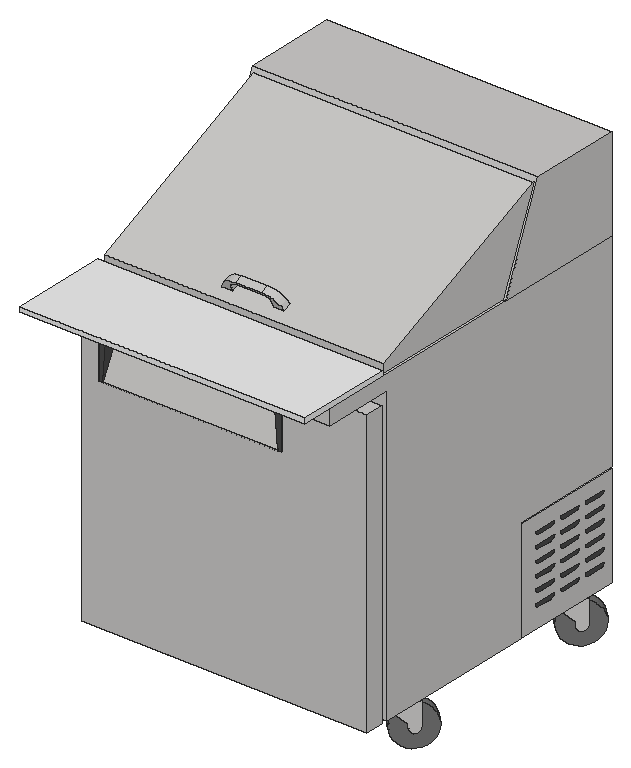
Revit family "QF_Turbo Air_MST-28-12c4e3f080-f9f6-44ae-9b5a-2f5e07239dcd", category Specialty Equipment, Revit 2012
Parameters
  Weight in Pounds = 220
  Watermarked By = "http://revitwatermark.com"
  Volts = 115 V
  URL Cutsheet = ""
  URL = "www.turboairinc.com"
  Status [instance] = ""
  Specification by User [instance] = ""
  Specification by Manufacturer [instance] = ""
  Serial Number [instance] = ""
  Revision Code [instance] = ""
  Phase = 1
  Number of Poles [instance] = 1
  NAFEM Spec ID Number [instance] = ""
  Model = "MST-28-12"
  Masterspec [instance] = ""
  Manufacturer = "Turbo Air"  # constant formula
  Legs [instance] = [6 inch Legs]  # no
  Item Number [instance] = "-"
  Installed By [instance] = ""
  HP = "1/4"
  Furnished By [instance] = ""
  Foodservice Equipment Identifier = yes
  FL Amps = 3.3 A
  Electrical Remarks [instance] = ""
  Electric Connection Type [instance] = ""
  Elec Conn RI Height [instance] = 0' - 0"
  Elec Conn Connection Height = 1' - 0"
  Description = "Mega Top Unit"
  Cycle = 60 Hz
  Conn Plug = "NEMA 5-15P"
  Casters [instance] = not(Legs)  # yes
  CasterLeg Height [instance] = if([4 inch Casters], 0' 5", if([5 inch Casters], 0' 5 3/4", if([2_5 inch Casters], 0' 3 3/8", 0' 6")))  # 0' - 5"
  CSI MasterFormat = "11 41 13"
  Assembly Code = "E1090320"
  Apparent Power = if(Phase = 3, Volts * FL Amps * 1.73, Volts * FL Amps)  # 379.5 VA
  6 inch Legs [instance] = no
  5 inch Casters [instance] = no
  4 inch Casters [instance] = yes
  2_5 inch Casters [instance] = no
Reference planes (in)
  plane 1 "BACK": y = 0
  plane 2: z = 0
  plane 3 "LEFT": x = -20.78844
  plane 4 "Bottom": z = 5
  plane 5 "Back Stops": y = 1
  plane 6 "RIGHT": x = 6.71156
  plane 7 "Door Clearance": y = -55.375
  plane 8 "Counter Top": z = 35
  plane 9 "TOP": z = 44
  plane 10 "Top of Door": z = 32.5
  plane 11 "Left of Lid": x = -20.53844
  plane 12 "Right of Lid": x = 6.46156
  plane 13 "Handle LR": x = -7.03844
  plane 14 "Lid Clearance": z = 50.875
  plane 15 "Front of Ledge": y = -34
  plane 16 "FRONT": y = -37
  plane 17 "Front of Door": y = -29.5
  plane 18 "Front of Box": y = -27.125
Forms (in)
  Extrusion 1, solid, material "QF_Finishes_Stainless Steel"
    sketch origin (-20.78844, 0, 0) x (0, 1, 0) y (0, 0, 1)
      loop
        line (0, 5) -> (0, 35) -> (-34, 35) -> (-34, 33.5) -> (-27.125, 33.5) -> (-27.125, 5) -> (0, 5)
    from 0 to 27.5
  Extrusion 2, solid, material "QF_Finishes_Black"
    sketch origin (0, -27.125, 0) x (1, 0, 0) y (0, 0, 1)
      loop
        line (-19.78844, 31.5) -> (-19.78844, 6) -> (5.71156, 6) -> (5.71156, 31.5) -> (-19.78844, 31.5)
    from 0 to 0.5625
  Extrusion 3, solid, material "QF_Finishes_Stainless Steel"
    sketch origin (-20.78844, 0, 0) x (0, 1, 0) y (0, 0, 1)
      loop
        line (0, 35) -> (0, 44) -> (-8.875, 44) -> (-12.8125, 35) -> (0, 35)
    from 0 to 27.5
  Extrusion 4, solid, material "QF_Finishes_Stainless Steel"
    sketch origin (-20.53844, 0, 0) x (0, 1, 0) y (0, 0, 1)
      loop
        line (-12.8125, 35) -> (-9.07541, 43.54192) -> (-27.125, 35.75) -> (-27.125, 35) -> (-12.8125, 35)
    from 0 to 27
  Extrusion 5, solid, material "QF_Finishes_Stainless Steel"
    sketch origin (-8.25, -9.80904, -0.49896) x (1, 0, 0) y (0, -0.396341, 0.918103)
      loop
        line (3.21156, 40.14331) -> (4.21156, 40.14331)
        arc (4.21156, 40.14331) -> (3.53685, 41.04872) -> (2.46156, 41.39331) r 1.85
        line (2.46156, 41.39331) -> (-0.03844, 41.39331)
        arc (-0.03844, 41.39331) -> (-1.11373, 41.04872) -> (-1.78844, 40.14331) r 1.85
        line (-1.78844, 40.14331) -> (-0.78844, 40.14331) -> (-0.78844, 40.64331)
        arc (-0.78844, 40.64331) -> (-0.64199, 40.99687) -> (-0.28844, 41.14331) r 0.5
        line (-0.28844, 41.14331) -> (2.71156, 41.14331)
        arc (2.71156, 41.14331) -> (3.06511, 40.99687) -> (3.21156, 40.64331) r 0.5
        line (3.21156, 40.64331) -> (3.21156, 40.14331)
    from -0.375 to 0.375
  Extrusion 6, void
    sketch origin (6.71156, 0, 0) x (0, 1, 0) y (0, 0, 1)
      loop
        line (0, 5) -> (0, 15) -> (-11, 15) -> (-11, 5) -> (0, 5)
    from 0 to -1
  Extrusion 7, solid, material "QF_Finishes_Stainless Steel"
    sketch origin (6.71156, 0, 0) x (0, 1, 0) y (0, 0, 1)
      loop
        line (-10.875, 14.875) -> (-10.875, 5) -> (0, 5) -> (0, 14.875) -> (-10.875, 14.875)
      loop
        arc (-9.25, 13.5) -> (-9.10355, 13.14645) -> (-8.75, 13) r 0.5
        line (-8.75, 13) -> (-7.25, 13)
        arc (-7.25, 13) -> (-6.89645, 13.14645) -> (-6.75, 13.5) r 0.5
        line (-6.75, 13.5) -> (-9.25, 13.5)
      loop
        arc (-6.25, 13.5) -> (-6.10355, 13.14645) -> (-5.75, 13) r 0.5
        line (-5.75, 13) -> (-4.25, 13)
        arc (-4.25, 13) -> (-3.89645, 13.14645) -> (-3.75, 13.5) r 0.5
        line (-3.75, 13.5) -> (-6.25, 13.5)
      loop
        arc (-3.25, 13.5) -> (-3.10355, 13.14645) -> (-2.75, 13) r 0.5
        line (-2.75, 13) -> (-1.25, 13)
        arc (-1.25, 13) -> (-0.89645, 13.14645) -> (-0.75, 13.5) r 0.5
        line (-0.75, 13.5) -> (-3.25, 13.5)
      loop
        arc (-9.25, 12.25) -> (-9.10355, 11.89645) -> (-8.75, 11.75) r 0.5
        line (-8.75, 11.75) -> (-7.25, 11.75)
        arc (-7.25, 11.75) -> (-6.89645, 11.89645) -> (-6.75, 12.25) r 0.5
        line (-6.75, 12.25) -> (-9.25, 12.25)
      loop
        arc (-6.25, 12.25) -> (-6.10355, 11.89645) -> (-5.75, 11.75) r 0.5
        line (-5.75, 11.75) -> (-4.25, 11.75)
        arc (-4.25, 11.75) -> (-3.89645, 11.89645) -> (-3.75, 12.25) r 0.5
        line (-3.75, 12.25) -> (-6.25, 12.25)
      loop
        arc (-3.25, 12.25) -> (-3.10355, 11.89645) -> (-2.75, 11.75) r 0.5
        line (-2.75, 11.75) -> (-1.25, 11.75)
        arc (-1.25, 11.75) -> (-0.89645, 11.89645) -> (-0.75, 12.25) r 0.5
        line (-0.75, 12.25) -> (-3.25, 12.25)
      loop
        arc (-9.25, 11) -> (-9.10355, 10.64645) -> (-8.75, 10.5) r 0.5
        line (-8.75, 10.5) -> (-7.25, 10.5)
        arc (-7.25, 10.5) -> (-6.89645, 10.64645) -> (-6.75, 11) r 0.5
        line (-6.75, 11) -> (-9.25, 11)
      loop
        arc (-6.25, 11) -> (-6.10355, 10.64645) -> (-5.75, 10.5) r 0.5
        line (-5.75, 10.5) -> (-4.25, 10.5)
        arc (-4.25, 10.5) -> (-3.89645, 10.64645) -> (-3.75, 11) r 0.5
        line (-3.75, 11) -> (-6.25, 11)
      loop
        arc (-3.25, 11) -> (-3.10355, 10.64645) -> (-2.75, 10.5) r 0.5
        line (-2.75, 10.5) -> (-1.25, 10.5)
        arc (-1.25, 10.5) -> (-0.89645, 10.64645) -> (-0.75, 11) r 0.5
        line (-0.75, 11) -> (-3.25, 11)
      loop
        arc (-9.25, 9.75) -> (-9.10355, 9.39645) -> (-8.75, 9.25) r 0.5
        line (-8.75, 9.25) -> (-7.25, 9.25)
        arc (-7.25, 9.25) -> (-6.89645, 9.39645) -> (-6.75, 9.75) r 0.5
        line (-6.75, 9.75) -> (-9.25, 9.75)
      loop
        arc (-6.25, 9.75) -> (-6.10355, 9.39645) -> (-5.75, 9.25) r 0.5
        line (-5.75, 9.25) -> (-4.25, 9.25)
        arc (-4.25, 9.25) -> (-3.89645, 9.39645) -> (-3.75, 9.75) r 0.5
        line (-3.75, 9.75) -> (-6.25, 9.75)
      loop
        arc (-3.25, 9.75) -> (-3.10355, 9.39645) -> (-2.75, 9.25) r 0.5
        line (-2.75, 9.25) -> (-1.25, 9.25)
        arc (-1.25, 9.25) -> (-0.89645, 9.39645) -> (-0.75, 9.75) r 0.5
        line (-0.75, 9.75) -> (-3.25, 9.75)
      loop
        arc (-9.25, 8.5) -> (-9.10355, 8.14645) -> (-8.75, 8) r 0.5
        line (-8.75, 8) -> (-7.25, 8)
        arc (-7.25, 8) -> (-6.89645, 8.14645) -> (-6.75, 8.5) r 0.5
        line (-6.75, 8.5) -> (-9.25, 8.5)
      loop
        arc (-6.25, 8.5) -> (-6.10355, 8.14645) -> (-5.75, 8) r 0.5
        line (-5.75, 8) -> (-4.25, 8)
        arc (-4.25, 8) -> (-3.89645, 8.14645) -> (-3.75, 8.5) r 0.5
        line (-3.75, 8.5) -> (-6.25, 8.5)
      loop
        arc (-3.25, 8.5) -> (-3.10355, 8.14645) -> (-2.75, 8) r 0.5
        line (-2.75, 8) -> (-1.25, 8)
        arc (-1.25, 8) -> (-0.89645, 8.14645) -> (-0.75, 8.5) r 0.5
        line (-0.75, 8.5) -> (-3.25, 8.5)
      loop
        arc (-9.25, 7.25) -> (-9.10355, 6.89645) -> (-8.75, 6.75) r 0.5
        line (-8.75, 6.75) -> (-7.25, 6.75)
        arc (-7.25, 6.75) -> (-6.89645, 6.89645) -> (-6.75, 7.25) r 0.5
        line (-6.75, 7.25) -> (-9.25, 7.25)
      loop
        arc (-6.25, 7.25) -> (-6.10355, 6.89645) -> (-5.75, 6.75) r 0.5
        line (-5.75, 6.75) -> (-4.25, 6.75)
        arc (-4.25, 6.75) -> (-3.89645, 6.89645) -> (-3.75, 7.25) r 0.5
        line (-3.75, 7.25) -> (-6.25, 7.25)
      loop
        arc (-3.25, 7.25) -> (-3.10355, 6.89645) -> (-2.75, 6.75) r 0.5
        line (-2.75, 6.75) -> (-1.25, 6.75)
        arc (-1.25, 6.75) -> (-0.89645, 6.89645) -> (-0.75, 7.25) r 0.5
        line (-0.75, 7.25) -> (-3.25, 7.25)
    from 0 to -1
  Extrusion 8, solid, material "QF_Finishes_Black"
    sketch origin (6.71156, 0, 0) x (0, 1, 0) y (0, 0, 1)
      loop
        line (-9.875, 13.95221) -> (-9.875, 6.20221) -> (-0.375, 6.20221) -> (-0.375, 13.95221) -> (-9.875, 13.95221)
    from -0.125 to -1
  Extrusion 9, solid, material "QF_Finishes_Black"
    sketch origin (0, 0, 0) x (1, 0, 0) y (0, 0, 1)
      loop
        circle (-14.66344, 30.1875) r 0.5
      loop
        circle (0.58656, 30.1875) r 0.5
    from 0 to -1
  Extrusion 10, solid, material "QF_Finishes_Stainless Steel"
    sketch origin (0, 0, 0) x (1, 0, 0) y (0, 0, 1)
      loop
        circle (2.71156, 11.125) r 0.25
    from 0 to -0.0625
  Extrusion 11, solid, material "QF_Finishes_White"
    sketch origin (-20.78844, 0, 0) x (0, 1, 0) y (0, 0, 1)
      loop
        line (-37, 35) -> (-27.625, 35) -> (-27.625, 35.5) -> (-37, 35.5) -> (-37, 35)
    from 0 to 27.5
  Extrusion 12, solid, material "QF_Finishes_Clearances", detail levels coarse
    sketch origin (-20.53844, -42.87392, 15.10212) x (0, 0.292372, -0.956305) y (0, 0.956305, 0.292372)
      loop
        arc (-26.28823, 35.61917) -> (-23.18014, 26.46585) -> (-15.14113, 21.09762) r 15.03231
        line (-15.14113, 21.09762) -> (-17.27356, 40.26077) -> (-26.28823, 36.36917) -> (-26.28823, 35.61917)
    from 0 to 27
Cuts and joins
  Extrusion 6 cuts Extrusion 1
Lines and regions (in)
  symbolic lines
    curve 1: line (-20.78844, 0, 35) -> (6.71156, 0, 35)
    curve 2: line (-20.78844, -37, 35) -> (-20.78844, 0, 35)
    curve 3: line (6.71156, -37, 35) -> (-20.78844, -37, 35)
    curve 4: line (6.71156, 0, 35) -> (6.71156, -37, 35)
    curve 5: line (0.08656, 1, 35) -> (1.08656, 1, 35)
    curve 6: line (-15.16344, 1, 35) -> (-14.16344, 1, 35)
    curve 7: line (-15.16344, 1, 35) -> (-15.16344, 0, 35)
    curve 8: line (-14.16344, 1, 35) -> (-14.16344, 0, 35)
    curve 9: line (0.08656, 1, 35) -> (0.08656, 0, 35)
    curve 10: line (1.08656, 1, 35) -> (1.08656, 0, 35)
    curve 11: line (-9.03844, -25.37519, 35) -> (-10.03844, -25.37519, 35)
    curve 12: line (-10.03844, -25.37519, 35) -> (-10.03844, -26.07034, 35)
    curve 13: line (-9.03844, -25.58383, 35) -> (-9.03844, -25.37519, 35)
    curve 14: line (-5.30859, -26.55919, 35) -> (-8.27933, -26.55919, 35)
    curve 15: line (-5.62594, -25.77153, 35) -> (-8.53388, -25.77153, 35)
    curve 16: line (-5.03844, -25.37519, 35) -> (-5.03844, -25.56289, 35)
    curve 17: line (-4.03844, -25.37519, 35) -> (-5.03844, -25.37519, 35)
    curve 18: line (-4.03844, -26.07034, 35) -> (-4.03844, -25.37519, 35)
    curve 19: spline (-4.03844, -26.07034, 35) -> (-4.09536, -26.14047, 35) -> (-4.16413, -26.20706, 35) -> (-4.24407, -26.26945, 35) -> (-4.33442, -26.32703, 35) -> (-4.43427, -26.37924, 35) -> (-4.54267, -26.42556, 35) -> (-4.65854, -26.46556, 35) -> (-4.78077, -26.49882, 35) -> (-4.90815, -26.52504, 35) -> (-5.03944, -26.54395, 35) -> (-5.17335, -26.55537, 35) -> (-5.30859, -26.55919, 35)
    curve 20: spline (-8.53388, -25.77153, 35) -> (-8.59974, -25.76992, 35) -> (-8.66447, -25.76513, 35) -> (-8.72697, -25.75724, 35) -> (-8.78616, -25.74638, 35) -> (-8.84104, -25.73274, 35) -> (-8.89066, -25.71655, 35) -> (-8.93418, -25.69809, 35) -> (-8.97084, -25.67768, 35) -> (-9.00003, -25.65566, 35) -> (-9.02125, -25.63241, 35) -> (-9.03412, -25.60833, 35) -> (-9.03844, -25.58383, 35)
    curve 21: spline (-5.03844, -25.56289, 35) -> (-5.04347, -25.59012, 35) -> (-5.05846, -25.61689, 35) -> (-5.08316, -25.64273, 35) -> (-5.11715, -25.66721, 35) -> (-5.15985, -25.6899, 35) -> (-5.21052, -25.71042, 35) -> (-5.26829, -25.72841, 35) -> (-5.33219, -25.74358, 35) -> (-5.40112, -25.75565, 35) -> (-5.47389, -25.76442, 35) -> (-5.54926, -25.76974, 35) -> (-5.62594, -25.77153, 35)
    curve 22: spline (-8.27933, -26.55919, 35) -> (-8.47404, -26.5553, 35) -> (-8.66656, -26.54368, 35) -> (-8.85475, -26.52446, 35) -> (-9.03647, -26.49785, 35) -> (-9.2097, -26.46415, 35) -> (-9.3725, -26.42374, 35) -> (-9.52303, -26.37708, 35) -> (-9.65961, -26.32468, 35) -> (-9.7807, -26.26714, 35) -> (-9.88495, -26.20509, 35) -> (-9.97118, -26.13925, 35) -> (-10.03844, -26.07034, 35)
    curve 121: line (-20.78844, -27.625, 35) -> (6.71156, -27.625, 35)
    curve 122: line (-20.78844, -27.125, 35) -> (6.71156, -27.125, 35)
    curve 123: line (-20.78844, -8.875, 35) -> (6.71156, -8.875, 35)
    curve 124: line (-20.53844, -27.125, 35) -> (-20.53844, -8.875, 35)
    curve 125: line (6.46156, -27.125, 35) -> (6.46156, -8.875, 35)
  symbolic lines, style "QF_Clearances", detail levels coarse
    curve 23: line (6.71156, -37, 35) -> (6.71156, -55.375, 35)
    curve 24: arc (6.71156, -55.375, 35) -> (-9.1836, -50.31589, 35) -> (-19.23038, -37, 35) r 27.5
  symbolic lines, style "QF_Surface Details"
    curve 25: line (-20.16344, -17.48748, 35) -> (-20.16344, -13.49564, 35)
    curve 26: line (-14.16344, -17.58908, 35) -> (-14.16344, -13.59725, 35)
    curve 27: line (-15.16344, -12.59725, 35) -> (-19.26505, -12.59725, 35)
    curve 28: line (-15.06183, -18.48748, 35) -> (-19.16344, -18.48748, 35)
    curve 29: arc (-19.26505, -12.59725, 35) -> (-19.90031, -12.86038, 35) -> (-20.16344, -13.49564, 35) r 0.89839
    curve 30: arc (-15.16344, -12.59725, 35) -> (-14.45633, -12.89014, 35) -> (-14.16344, -13.59725, 35) r 1
    curve 31: arc (-14.16344, -17.58908, 35) -> (-14.42657, -18.22434, 35) -> (-15.06183, -18.48748, 35) r 0.89839
    curve 32: arc (-19.16344, -18.48748, 35) -> (-19.87055, -18.19458, 35) -> (-20.16344, -17.48748, 35) r 1
    curve 33: line (-7.41344, -17.58908, 35) -> (-7.41344, -13.59725, 35)
    curve 34: line (-13.41344, -17.58908, 35) -> (-13.41344, -13.59725, 35)
    curve 35: line (-12.41344, -12.59725, 35) -> (-8.41344, -12.59725, 35)
    curve 36: line (-12.41344, -18.58908, 35) -> (-8.41344, -18.58908, 35)
    curve 37: arc (-8.41344, -12.59725, 35) -> (-7.70633, -12.89014, 35) -> (-7.41344, -13.59725, 35) r 1
    curve 38: arc (-12.41344, -12.59725, 35) -> (-13.12055, -12.89014, 35) -> (-13.41344, -13.59725, 35) r 1
    curve 39: arc (-13.41344, -17.58908, 35) -> (-13.12055, -18.29619, 35) -> (-12.41344, -18.58908, 35) r 1
    curve 40: arc (-8.41344, -18.58908, 35) -> (-7.70633, -18.29619, 35) -> (-7.41344, -17.58908, 35) r 1
    curve 41: line (-7.41344, -20.58908, 35) -> (-7.41344, -24.51282, 35)
    curve 42: line (-13.41344, -20.48748, 35) -> (-13.41344, -24.58092, 35)
    curve 43: line (-12.41344, -25.58092, 35) -> (-8.48154, -25.58092, 35)
    curve 44: line (-12.51505, -19.58908, 35) -> (-8.41344, -19.58908, 35)
    curve 45: arc (-8.48154, -25.58092, 35) -> (-7.72628, -25.26808, 35) -> (-7.41344, -24.51282, 35) r 1.0681
    curve 46: arc (-12.41344, -25.58092, 35) -> (-13.12055, -25.28803, 35) -> (-13.41344, -24.58092, 35) r 1
    curve 47: arc (-13.41344, -20.48748, 35) -> (-13.15031, -19.85222, 35) -> (-12.51505, -19.58908, 35) r 0.89839
    curve 48: arc (-8.41344, -19.58908, 35) -> (-7.70633, -19.88198, 35) -> (-7.41344, -20.58908, 35) r 1
    curve 49: line (6.08656, -17.42091, 35) -> (6.08656, -13.42907, 35)
    curve 50: line (0.08656, -17.42091, 35) -> (0.08656, -13.42907, 35)
    curve 51: line (1.08656, -12.42907, 35) -> (5.08656, -12.42907, 35)
    curve 52: line (1.08656, -18.42091, 35) -> (5.08656, -18.42091, 35)
    curve 53: arc (5.08656, -12.42907, 35) -> (5.79367, -12.72197, 35) -> (6.08656, -13.42907, 35) r 1
    curve 54: arc (1.08656, -12.42907, 35) -> (0.37945, -12.72197, 35) -> (0.08656, -13.42907, 35) r 1
    curve 55: arc (0.08656, -17.42091, 35) -> (0.37945, -18.12802, 35) -> (1.08656, -18.42091, 35) r 1
    curve 56: arc (5.08656, -18.42091, 35) -> (5.79367, -18.12802, 35) -> (6.08656, -17.42091, 35) r 1
    curve 57: line (-6.66344, -17.58908, 35) -> (-6.66344, -13.59725, 35)
    curve 58: line (-0.66344, -17.52252, 35) -> (-0.66344, -13.42907, 35)
    curve 59: line (-1.66344, -12.42907, 35) -> (-5.49527, -12.42907, 35)
    curve 60: line (-1.73, -18.58908, 35) -> (-5.66344, -18.58908, 35)
    curve 61: arc (-5.49527, -12.42907, 35) -> (-6.32129, -12.77122, 35) -> (-6.66344, -13.59725, 35) r 1.16817
    curve 62: arc (-1.66344, -12.42907, 35) -> (-0.95633, -12.72197, 35) -> (-0.66344, -13.42907, 35) r 1
    curve 63: arc (-0.66344, -17.52252, 35) -> (-0.97583, -18.27669, 35) -> (-1.73, -18.58908, 35) r 1.06656
    curve 64: arc (-5.66344, -18.58908, 35) -> (-6.37055, -18.29619, 35) -> (-6.66344, -17.58908, 35) r 1
    curve 65: line (6.08656, -20.42091, 35) -> (6.08656, -24.41275, 35)
    curve 66: line (0.08656, -20.42091, 35) -> (0.08656, -24.41275, 35)
    curve 67: line (1.08656, -25.41275, 35) -> (5.08656, -25.41275, 35)
    curve 68: line (1.08656, -19.42091, 35) -> (5.08656, -19.42091, 35)
    curve 69: arc (5.08656, -25.41275, 35) -> (5.79367, -25.11986, 35) -> (6.08656, -24.41275, 35) r 1
    curve 70: arc (1.08656, -25.41275, 35) -> (0.37945, -25.11986, 35) -> (0.08656, -24.41275, 35) r 1
    curve 71: arc (0.08656, -20.42091, 35) -> (0.37945, -19.7138, 35) -> (1.08656, -19.42091, 35) r 1
    curve 72: arc (5.08656, -19.42091, 35) -> (5.79367, -19.7138, 35) -> (6.08656, -20.42091, 35) r 1
    curve 73: line (-6.66344, -20.58908, 35) -> (-6.66344, -24.51282, 35)
    curve 74: line (-0.66344, -20.42091, 35) -> (-0.66344, -24.42531, 35)
    curve 75: line (-1.66344, -25.42531, 35) -> (-5.75094, -25.42531, 35)
    curve 76: line (-1.49527, -19.58908, 35) -> (-5.66344, -19.58908, 35)
    curve 77: arc (-5.75094, -25.42531, 35) -> (-6.39618, -25.15805, 35) -> (-6.66344, -24.51282, 35) r 0.9125
    curve 78: arc (-1.66344, -25.42531, 35) -> (-0.95633, -25.13242, 35) -> (-0.66344, -24.42531, 35) r 1
    curve 79: arc (-0.66344, -20.42091, 35) -> (-0.90708, -19.83272, 35) -> (-1.49527, -19.58908, 35) r 0.83183
    curve 80: arc (-5.66344, -19.58908, 35) -> (-6.37055, -19.88198, 35) -> (-6.66344, -20.58908, 35) r 1
    curve 81: line (-20.16344, -24.47931, 35) -> (-20.16344, -20.48748, 35)
    curve 82: line (-14.16344, -24.47931, 35) -> (-14.16344, -20.48748, 35)
    curve 83: line (-15.16344, -19.48748, 35) -> (-19.16344, -19.48748, 35)
    curve 84: line (-15.16344, -25.47931, 35) -> (-19.16344, -25.47931, 35)
    curve 85: arc (-19.16344, -19.48748, 35) -> (-19.87055, -19.78037, 35) -> (-20.16344, -20.48748, 35) r 1
    curve 86: arc (-15.16344, -19.48748, 35) -> (-14.45633, -19.78037, 35) -> (-14.16344, -20.48748, 35) r 1
    curve 87: arc (-14.16344, -24.47931, 35) -> (-14.45633, -25.18642, 35) -> (-15.16344, -25.47931, 35) r 1
    curve 88: arc (-19.16344, -25.47931, 35) -> (-19.87055, -25.18642, 35) -> (-20.16344, -24.47931, 35) r 1
    curve 89: line (-20.16344, -10.59725, 35) -> (-20.16344, -6.5038, 35)
    curve 90: line (-14.16344, -10.59725, 35) -> (-14.16344, -6.60541, 35)
    curve 91: line (-15.26505, -5.5038, 35) -> (-19.16344, -5.5038, 35)
    curve 92: line (-15.16344, -11.59725, 35) -> (-19.16344, -11.59725, 35)
    curve 93: arc (-19.16344, -5.5038, 35) -> (-19.87055, -5.79669, 35) -> (-20.16344, -6.5038, 35) r 1
    curve 94: arc (-15.26505, -5.5038, 35) -> (-14.48609, -5.82645, 35) -> (-14.16344, -6.60541, 35) r 1.10161
    curve 95: arc (-14.16344, -10.59725, 35) -> (-14.45633, -11.30435, 35) -> (-15.16344, -11.59725, 35) r 1
    curve 96: arc (-19.16344, -11.59725, 35) -> (-19.87055, -11.30435, 35) -> (-20.16344, -10.59725, 35) r 1
    curve 97: line (-7.41344, -10.59725, 35) -> (-7.41344, -6.60541, 35)
    curve 98: line (-13.41344, -10.59725, 35) -> (-13.41344, -6.60541, 35)
    curve 99: line (-12.41344, -5.60541, 35) -> (-8.41344, -5.60541, 35)
    curve 100: line (-12.41344, -11.59725, 35) -> (-8.41344, -11.59725, 35)
    curve 101: arc (-8.41344, -5.60541, 35) -> (-7.70633, -5.8983, 35) -> (-7.41344, -6.60541, 35) r 1
    curve 102: arc (-12.41344, -5.60541, 35) -> (-13.12055, -5.8983, 35) -> (-13.41344, -6.60541, 35) r 1
    curve 103: arc (-13.41344, -10.59725, 35) -> (-13.12055, -11.30435, 35) -> (-12.41344, -11.59725, 35) r 1
    curve 104: arc (-8.41344, -11.59725, 35) -> (-7.70633, -11.30435, 35) -> (-7.41344, -10.59725, 35) r 1
    curve 105: line (6.08656, -10.42907, 35) -> (6.08656, -6.43724, 35)
    curve 106: line (0.08656, -10.42907, 35) -> (0.08656, -6.43724, 35)
    curve 107: line (1.08656, -5.43724, 35) -> (5.08656, -5.43724, 35)
    curve 108: line (1.08656, -11.42907, 35) -> (5.08656, -11.42907, 35)
    curve 109: arc (5.08656, -5.43724, 35) -> (5.79367, -5.73013, 35) -> (6.08656, -6.43724, 35) r 1
    curve 110: arc (1.08656, -5.43724, 35) -> (0.37945, -5.73013, 35) -> (0.08656, -6.43724, 35) r 1
    curve 111: arc (0.08656, -10.42907, 35) -> (0.37945, -11.13618, 35) -> (1.08656, -11.42907, 35) r 1
    curve 112: arc (5.08656, -11.42907, 35) -> (5.79367, -11.13618, 35) -> (6.08656, -10.42907, 35) r 1
    curve 113: line (-6.66344, -10.59725, 35) -> (-6.66344, -6.60541, 35)
    curve 114: line (-0.66344, -10.42907, 35) -> (-0.66344, -6.43724, 35)
    curve 115: line (-1.66344, -5.43724, 35) -> (-5.49527, -5.43724, 35)
    curve 116: line (-1.73, -11.49564, 35) -> (-5.76505, -11.49564, 35)
    curve 117: arc (-5.49527, -5.43724, 35) -> (-6.32129, -5.77939, 35) -> (-6.66344, -6.60541, 35) r 1.16817
    curve 118: arc (-1.66344, -5.43724, 35) -> (-0.95633, -5.73013, 35) -> (-0.66344, -6.43724, 35) r 1
    curve 119: arc (-0.66344, -10.42907, 35) -> (-0.97583, -11.18325, 35) -> (-1.73, -11.49564, 35) r 1.06656
    curve 120: arc (-5.76505, -11.49564, 35) -> (-6.40031, -11.23251, 35) -> (-6.66344, -10.59725, 35) r 0.89839
Dimensions and locks (in)
  "CasterLeg Height": plane 4 "Bottom" to plane 2
  locked: plane 1 "BACK" to plane 5 "Back Stops" at 1
  locked: plane 6 "RIGHT" to plane 3 "LEFT" at 27.5
  locked: plane 7 "Door Clearance" to plane 1 "BACK" at 55.375
  locked: plane 9 "TOP" to plane 8 "Counter Top" at 9
  locked: plane 8 "Counter Top" to plane 4 "Bottom" at 30
  locked: plane 10 "Top of Door" to plane 4 "Bottom" at 27.5
  locked: plane 10 "Top of Door" to Extrusion 2 sketch curve at 1
  locked: Extrusion 2 sketch curve to plane 3 "LEFT" at 1
  locked: Extrusion 2 sketch curve to plane 4 "Bottom" at 1
  locked: Extrusion 2 sketch curve to plane 6 "RIGHT" at 1
  locked: plane 3 "LEFT" to plane 11 "Left of Lid" at 0.25
  locked: plane 12 "Right of Lid" to plane 6 "RIGHT" at 0.25
  equal spacing: plane 11 "Left of Lid", plane 13 "Handle LR", plane 12 "Right of Lid"
  locked: plane 14 "Lid Clearance" to plane 8 "Counter Top" at 15.875
  locked: Extrusion 6 sketch curve to plane 1 "BACK" at 11
  locked: Extrusion 6 sketch curve to plane 4 "Bottom" at 10
  locked: plane 4 "Bottom" to Extrusion 7 sketch curve at 9.875
  locked: Extrusion 7 sketch curve to plane 1 "BACK" at 10.875
  locked: Extrusion 8 sketch curve to Extrusion 8 sketch curve at 7.75
  locked: Extrusion 8 sketch curve to plane 4 "Bottom" at 1.20221
  locked: Extrusion 8 sketch curve to Extrusion 8 sketch curve at 9.5
  locked: Extrusion 8 sketch curve to plane 1 "BACK" at 0.375
  locked: nested 1 to plane 1 "BACK" at 2.5625
  locked: plane 3 "LEFT" to nested 1 at 2.5
  locked: plane 3 "LEFT" to nested 2 at 2.5
  locked: nested 3 to plane 6 "RIGHT" at 2.5
  locked: nested 4 to plane 6 "RIGHT" at 2.5
  locked: nested 3 to plane 1 "BACK" at 2.5625
  locked: plane 8 "Counter Top" to Extrusion 9 sketch curve at 4.8125  (x2)
  locked: plane 6 "RIGHT" to Extrusion 9 sketch curve at 6.125
  locked: Extrusion 9 sketch curve to plane 3 "LEFT" at 6.125
  locked: Extrusion 10 sketch curve to plane 4 "Bottom" at 6.125
  locked: plane 6 "RIGHT" to Extrusion 10 sketch curve at 4
  locked: plane 15 "Front of Ledge" to plane 1 "BACK" at 34
  locked: plane 16 "FRONT" to plane 15 "Front of Ledge" at 3
  locked: plane 15 "Front of Ledge" to plane 17 "Front of Door" at 4.5
  locked: plane 17 "Front of Door" to plane 18 "Front of Box" at 2.375
  locked: Extrusion 1 sketch curve to plane 8 "Counter Top" at 1.5
  locked: Extrusion 11 sketch curve to plane 16 "FRONT" at 9.375
  locked: Extrusion 11 sketch curve to plane 8 "Counter Top" at 0.5
  locked: plane 1 "BACK" to Extrusion 3 sketch curve at 12.8125
  locked: plane 1 "BACK" to Extrusion 3 sketch curve at 8.875
  locked: plane 1 "BACK" to Extrusion 4 sketch curve at 12.8125
  locked: plane 9 "TOP" to Extrusion 4 sketch curve at 0.45808
  locked: Extrusion 4 sketch curve to plane 8 "Counter Top" at 0.75
  locked: plane 1 "BACK" to Extrusion 4 sketch curve at 9.07541
  locked: plane 14 "Lid Clearance" to Extrusion 12 sketch curve at 0.21928
  locked: plane 9 "TOP" to Extrusion 12 sketch curve at 0.60798
  locked: Extrusion 12 sketch curve to plane 8 "Counter Top" at 0.75
  locked: Extrusion 5 to plane 8 "Counter Top" at 2.65301
  locked: Extrusion 5 to plane 8 "Counter Top" at 2.35576
  aligned and locked: level to plane 2
  aligned and locked: Extrusion 1 sketch curve to plane 1 "BACK"
  aligned and locked: Extrusion 1 sketch curve to plane 4 "Bottom"
  aligned and locked: plane 6 "RIGHT" to Extrusion 1
  aligned and locked: Extrusion 1 sketch curve to plane 8 "Counter Top"
  aligned and locked: Extrusion 3 sketch curve to plane 9 "TOP"
  aligned and locked: plane 1 "BACK" to Extrusion 3 sketch curve
  aligned and locked: plane 6 "RIGHT" to Extrusion 3
  aligned and locked: plane 12 "Right of Lid" to Extrusion 4
  aligned and locked: Extrusion 6 sketch curve to plane 1 "BACK"
  aligned and locked: Extrusion 6 sketch curve to plane 4 "Bottom"
  aligned and locked: Extrusion 9 to plane 5 "Back Stops"
  aligned and locked: plane 1 "BACK" to curve 1
  aligned and locked: curve 4 to plane 6 "RIGHT"
  aligned and locked: plane 3 "LEFT" to curve 2
  aligned and locked: curve 5 to Extrusion 9
  aligned and locked: curve 6 to Extrusion 9
  aligned and locked: curve 11 to Extrusion 5
  aligned and locked: curve 12 to Extrusion 5
  aligned and locked: Extrusion 5 to curve 13
  aligned and locked: curve 14 to Extrusion 5
  aligned and locked: Extrusion 5 to curve 15
  aligned and locked: curve 16 to Extrusion 5
  aligned and locked: curve 17 to Extrusion 5
  aligned and locked: curve 18 to Extrusion 5
  aligned and locked: plane 15 "Front of Ledge" to Extrusion 1 sketch curve
  aligned and locked: Extrusion 1 sketch curve to plane 18 "Front of Box"
  aligned and locked: plane 16 "FRONT" to Extrusion 11 sketch curve
  aligned and locked: Extrusion 11 sketch curve to plane 8 "Counter Top"
  aligned and locked: plane 6 "RIGHT" to Extrusion 11
  aligned and locked: Extrusion 3 sketch curve to plane 8 "Counter Top"
  aligned and locked: plane 18 "Front of Box" to Extrusion 4 sketch curve
  aligned and locked: Extrusion 4 sketch curve to plane 8 "Counter Top"
  aligned and locked: Extrusion 4 to Extrusion 12 sketch curve
  aligned and locked: plane 14 "Lid Clearance" to Extrusion 12 sketch curve
  aligned and locked: plane 12 "Right of Lid" to Extrusion 12
  aligned and locked: plane 4 "Bottom" to nested 5
  aligned and locked: plane 6 "RIGHT" to nested 5
Automatic sketch dimensions
  Extrusion 7 sketch curve to plane 1 "BACK" = 0' - 0"
  Extrusion 7 sketch curve to plane 4 "Bottom" = 0' - 0"
  Extrusion 7 sketch curve to Extrusion 7 sketch curve = 0' - 1 5/8"
  Extrusion 7 sketch curve to Extrusion 7 sketch curve = 0' - 0"  (x16)
  Extrusion 7 sketch curve to Extrusion 7 sketch curve = 0' - 0 1/2"  (x31)
  Extrusion 7 sketch curve to Extrusion 7 sketch curve = 0' - 1 1/2"  (x4)
  plane 1 "BACK" to Extrusion 7 sketch curve = 0' - 1 1/4"  (x3)
  plane 4 "Bottom" to Extrusion 7 sketch curve = 0' - 1 3/4"  (x2)
  Extrusion 7 sketch curve to Extrusion 7 sketch curve = 0' - 0 3/4"  (x15)
  Extrusion 5 sketch curve to plane 13 "Handle LR" = 0' - 3"
  Extrusion 5 sketch curve to Extrusion 5 sketch curve = 0' - 1"  (x2)
  Extrusion 5 sketch curve to Extrusion 5 sketch curve = 0' - 0 1/2"  (x3)
  Extrusion 5 sketch curve to Extrusion 5 sketch curve = 0' - 0 3/4"
  plane 13 "Handle LR" to Extrusion 5 sketch curve = 0' - 1 1/4"
  Extrusion 5 sketch curve to Extrusion 5 sketch curve = 0' - 0 1/4"
  Extrusion 5 sketch curve to Extrusion 5 sketch curve = 0' - 0"
  Extrusion 5 sketch curve to Extrusion 5 sketch curve = 0' - 0.6"
  plane 7 "Door Clearance" to curve 24 = 0' - 0"
  plane 16 "FRONT" to curve 2 = 0' - 0"
  plane 18 "Front of Box" to curve 122 = 0' - 0"
  curve 124 to plane 11 "Left of Lid" = 0' - 0"
  curve 125 to plane 12 "Right of Lid" = 0' - 0"
  curve 24 to curve 122 = 0' - 0 3/4"
  curve 121 to curve 122 = 0' - 0 1/2"
  curve 22 to curve 11 = 0' - 0.69515"
  curve 19 to curve 17 = 0' - 0.69515"
  curve 22 to curve 15 = 0' - 0.0945"
  curve 18 to curve 19 = 0' - 0.29334"
  curve 22 to curve 20 = 0' - 0.28221"
  curve 43 to plane 18 "Front of Box" = 0' - 1.54408"
  curve 15 to curve 21 = 0' - 0.20864"
  curve 84 to plane 18 "Front of Box" = 0' - 1.64569"
  curve 21 to curve 75 = 0' - 0.13758"
  curve 67 to plane 18 "Front of Box" = 0' - 1.71225"
  curve 43 to curve 46 = 0' - 1"
  curve 41 to plane 13 "Handle LR" = 0' - 0 3/8"
  curve 20 to curve 41 = 0' - 1.07101"
  curve 75 to curve 77 = 0' - 0.9125"
  plane 11 "Left of Lid" to curve 81 = 0' - 0 3/8"
  curve 88 to curve 81 = 0' - 1"
  curve 46 to curve 82 = 0' - 0.10161"
  curve 78 to curve 78 = 0' - 1"
  curve 74 to curve 70 = 0' - 0.01257"
  curve 65 to plane 12 "Right of Lid" = 0' - 0 3/8"
  curve 67 to curve 65 = 0' - 1"
  plane 13 "Handle LR" to curve 80 = 0' - 0 3/8"
  curve 77 to curve 80 = 0' - 3.92374"
  curve 48 to curve 73 = 0' - 0"
  curve 82 to curve 47 = 0' - 3.99184"
  curve 86 to curve 42 = 0' - 0"
  plane 11 "Left of Lid" to curve 85 = 0' - 1 3/8"
  curve 88 to curve 85 = 0' - 3.99184"
  curve 66 to curve 66 = 0' - 3.99184"
  curve 79 to curve 66 = 0' - 0"
  curve 65 to curve 72 = 0' - 3.99184"
  curve 48 to curve 44 = 0' - 1"
  curve 80 to curve 76 = 0' - 1"
  curve 72 to curve 72 = 0' - 1"
  curve 44 to curve 36 = 0' - 1"
  curve 76 to curve 60 = 0' - 1"
  curve 83 to curve 32 = 0' - 1"
  curve 68 to curve 56 = 0' - 1"
  curve 39 to curve 34 = 0' - 1"
  plane 13 "Handle LR" to curve 57 = 0' - 0 3/8"
  curve 64 to curve 57 = 0' - 1"
  curve 40 to plane 13 "Handle LR" = 0' - 0 3/8"
  curve 40 to curve 57 = 0' - 0"
  curve 31 to curve 34 = 0' - 0"
  curve 60 to curve 63 = 0' - 1.06656"
  plane 11 "Left of Lid" to curve 32 = 0' - 0 3/8"
  curve 32 to curve 32 = 0' - 1"
  curve 49 to plane 12 "Right of Lid" = 0' - 0 3/8"
  curve 56 to curve 49 = 0' - 1"
  curve 58 to curve 50 = 0' - 0.10161"
  curve 26 to curve 26 = 0' - 3.99184"
  curve 64 to curve 57 = 0' - 3.99184"
  curve 26 to curve 38 = 0' - 0"
  curve 37 to curve 57 = 0' - 0"
  curve 32 to curve 29 = 0' - 3.99184"
  curve 56 to curve 53 = 0' - 3.99184"
  curve 55 to curve 54 = 0' - 3.99184"
  curve 58 to curve 50 = 0' - 0"
  curve 38 to curve 35 = 0' - 1"
  curve 29 to curve 29 = 0' - 0.89839"
  curve 54 to curve 51 = 0' - 1"
  curve 62 to curve 59 = 0' - 1"
  curve 27 to curve 95 = 0' - 1"
  curve 35 to curve 104 = 0' - 1"
  curve 59 to curve 116 = 0' - 0.93344"
  curve 51 to curve 108 = 0' - 1"
  curve 104 to plane 13 "Handle LR" = 0' - 0 3/8"
  curve 100 to curve 104 = 0' - 1"
  plane 13 "Handle LR" to curve 113 = 0' - 0 3/8"
  curve 97 to curve 113 = 0' - 0"
  curve 100 to curve 98 = 0' - 1"
  curve 90 to curve 98 = 0' - 0"
  plane 11 "Left of Lid" to curve 96 = 0' - 0 3/8"
  curve 92 to curve 96 = 0' - 1"
  curve 108 to curve 111 = 0' - 1"
  curve 108 to curve 112 = 0' - 1"
  curve 114 to curve 106 = 0' - 0"
  curve 112 to curve 123 = 0' - 1.55407"
  curve 120 to curve 113 = 0' - 3.99184"
  curve 98 to curve 102 = 0' - 3.99184"
  curve 101 to curve 113 = 0' - 0"
  curve 94 to curve 102 = 0' - 0"
  curve 124 to curve 89 = 0' - 2.3712"
  curve 117 to curve 118 = 0' - 0.16817"
  curve 109 to plane 12 "Right of Lid" = 0' - 1 3/8"
  curve 125 to curve 109 = 0' - 2.43776"
  curve 114 to curve 110 = 0' - 0"
  curve 102 to curve 99 = 0' - 1"
  curve 94 to curve 91 = 0' - 1.10161"
  curve 110 to curve 110 = 0' - 1"
  curve 118 to curve 118 = 0' - 1"
  curve 53 to curve 54 = 0' - 4"
  curve 5 to plane 12 "Right of Lid" = 0' - 5 3/8"
  curve 111 to curve 51 = 0' - 0"
  curve 71 to curve 52 = 0' - 0"
  curve 5 to curve 5 = 0' - 1"
  curve 66 to curve 74 = 0' - 0 3/4"
  curve 106 to curve 119 = 0' - 0 3/4"
  curve 50 to curve 58 = 0' - 0 3/4"
  curve 19 to curve 18 = 0' - 0.1"
  curve 19 to curve 21 = 0' - 0.31735"
  plane 13 "Handle LR" to curve 22 = 0' - 0.6"
  curve 20 to curve 22 = 0' - 0 1/4"
  curve 104 to curve 100 = 0' - 4"
  curve 38 to curve 100 = 0' - 0"
  curve 11 to curve 46 = 0' - 2 3/8"
  curve 102 to curve 94 = 0' - 0 3/4"
  curve 46 to curve 82 = 0' - 0 3/4"
  plane 11 "Left of Lid" to curve 8 = 0' - 6 3/8"
  curve 34 to curve 31 = 0' - 0 3/4"
  curve 6 to curve 7 = 0' - 1"
  Extrusion 12 sketch curve to Extrusion 12 sketch curve = 0' - 4.64159"
  radius of Extrusion 9 sketch curve = 0' - 0 1/2"  (x2)
  radius of Extrusion 10 sketch curve = 0' - 0 1/4"
Nested families (in)
  nested 1: "FESCasterLeg" at (-18.28844, -2.5625, 0), Legs <- "Legs", Casters <- "Casters", Height <- "CasterLeg Height", type "FESCasterLeg"
    with Legs no, Height 0' - 5", Casters yes, Caster Radius 0' - 2"
  nested 2: "FESCasterLeg" at (-18.28844, -22.75, 0), Legs <- "Legs", Casters <- "Casters", Height <- "CasterLeg Height", type "FESCasterLeg"
    with Legs no, Height 0' - 5", Casters yes, Caster Radius 0' - 2"
  nested 3: "FESCasterLeg" at (4.21156, -2.5625, 0), Legs <- "Legs", Casters <- "Casters", Height <- "CasterLeg Height", type "FESCasterLeg"
    with Legs no, Height 0' - 5", Casters yes, Caster Radius 0' - 2"
  nested 4: "FESCasterLeg" at (4.21156, -22.75, 0), Legs <- "Legs", Casters <- "Casters", Height <- "CasterLeg Height", type "FESCasterLeg"
    with Legs no, Height 0' - 5", Casters yes, Caster Radius 0' - 2"
  nested 5: "QF_Turbo Air_TBL_Door-1" at (-8.46511, -27.6875, 5) x (-1, 0, 0) z (0, 0, 1), type "QF_Turbo Air_TBL_Door-1"
    with Width 2' - 3 1/2", Symbolic Lines no, Height 2' - 3 1/2", Handle Width 1' - 5 5/8", Depth 0' - 1 13/16"
Connectors (in)
  electrical at (2.71156, 0.0625, 11.125), driven by "Number of Poles", driven by "Volts", driven by "Apparent Power"
    settings: on Extrusion 10, index 1, voltage 115 V, apparent load 379.5 VA, apparent load phase1 0 VA, apparent load phase2 0 VA, apparent load phase3 0 VA, power factor 1, load classification "Other", number of poles 1, system type 30, power factor state 1, is connector primary yes, connector utility no, sub classification motor no, connector description ""
Definition of nested family "FESCasterLeg"
  Parameters (values of type "FESCasterLeg")
    Watermarked By = "http://revitwatermark.com"
    Type Comments = "⍁⍉⌁⌀⏭⎽⌇⍠⌜⍉⎖⌥⌦⌯⍭⏊⍻⍿⍊⏵⍊⏗⏠⍴⎡⌈⎀⍠⌓⌤⏘⎐⍀⌐⏬⏁⎈⏍⏦⎒⏬⌝⍩⍇⌣〈⎫〉⎁⏊⍥⍖⍥⍝⍦⌖⍀⏌⏭⎝⎼⏷⏞⍻⏯⎽⏷⏞⍻⏯⎽⏷⎺⌻⎝⍎⌧⏷⏟⏿⌿⍜⍦⍤⌁⍬⏶⏎⍊⏚⏉⎞⌡⎀⎪⏈⌟⌿⍾⍼⌟⌿⌢⌞⏜⏝⎽⍷⍷⍯⍧⍷⌯⍽⏸⏨⏾⏎⌣⏺⍹⏼⏅⎏⌽⎫⎪⍙⎓⏗⎗⏅⌴⍏⍏⍿⏑⎺⍘⌭⏲⍥⎛⎾⎾⍞⍌⎪⎲⌙⎥⏏⎟⎟⏼⏘⎏⎝⏧⏍⏁⍏⍧⏯⏾⌟"
    Legs [instance] = yes
    Height [instance] = 0' - 6"
    Caster Radius [instance] = if(Height < 0' 3", 0' 1", (Height / 2) - 0' 0 1/2")  # 0' - 2 1/2"
    Casters [instance] = yes
    Assembly Code = ""
  Reference planes (in)
    plane 1 "Center (Front/Back)": y = 0
    plane 2: z = 0
    plane 3 "Center (Left/Right)": x = 0
    plane 4: z = 6
    plane 5: z = 5.5
  Forms (in)
    Extrusion 1, solid, material "QF_Finishes_Stainless Steel", visible <- "Casters"
      sketch origin (-24.12131, -22.88887, 10.18833) x (0.707107, 0.707107, 0) y (0, 0, 1)
        loop
          line (34.98772, -7.68833) -> (34.98772, -4.93833) -> (34.48772, -4.93833) -> (34.39402, -4.68833) -> (32.39402, -4.68833) -> (32.39402, -5.43833) -> (33.98772, -7.34206) -> (33.98772, -7.68833)
          arc (33.98772, -7.68833) -> (34.48772, -8.18833) -> (34.98772, -7.68833) r 0.5
      from 0 to 1.75
    Extrusion 2, solid, material "QF_Finishes_Rubber Black", visible <- "Casters"
      sketch origin (-24.32327, -23.09083, 13.31461) x (0.707107, 0.707107, 0) y (0, 0, 1)
        loop
          circle (34.77334, -10.81461) r 2.5
      from 0.375 to 1.375
    Extrusion 3, solid, material "QF_Finishes_Stainless Steel", visible <- "Casters"
      sketch origin (-7.24148, -8.48391, 0) x (0.707107, 0.707107, 0) y (0, 0, 1)
        loop
          line (10.61603, 5.5) -> (11.61603, 5.5) -> (11.61603, 6) -> (10.61603, 6) -> (10.61603, 5.5)
      from 0 to -1.75
    Blend 4, solid, material "QF_Finishes_Stainless Steel", visible <- "Legs"
      base sketch origin (0, 0, 0) x (1, 0, 0) y (0, 1, 0)
        loop
          circle (0, 0) r 0.5
      top sketch origin (0, 0, 0) x (1, 0, 0) y (0, 1, 0)
        loop
          circle (0, 0) r 1
      from 0 to 6 <- "Height"
  Lines and regions (in)
    symbolic lines, style "QF_Hidden Details", visible <- "Casters", built-in parameter 1006206 <- "Casters"
      curve 1: line (-1.26158, -0.51911, 0) -> (1.39007, 2.13254, 0)
      curve 2: line (-0.53429, -1.24639, 0) -> (2.11736, 1.40526, 0)
    symbolic lines, style "QF_Hidden Details", built-in parameter 1006206 <- "Casters", visible <- "Casters"
      curve 3: line (-1.26158, -0.51911, 0) -> (1.39007, 2.13254, 0)
      curve 4: line (-0.53429, -1.24639, 0) -> (2.11736, 1.40526, 0)
  Dimensions and locks (in)
    locked: plane 4 to plane 5 at 0.5
    "Height": plane 4 to level
    "Caster Radius": Extrusion 2 sketch curve to level
    "Caster Radius": Extrusion 1 sketch curve to level
    "Caster Radius": radius of Extrusion 2 sketch curve
    aligned and locked: plane 2 to level
    aligned: Blend 4 to Extrusion 3
    aligned and locked: plane 4 to Blend 4
    aligned and locked: Extrusion 3 to plane 5
    aligned and locked: plane 4 to Extrusion 3
    aligned and locked: plane 5 to Extrusion 1
  Automatic sketch dimensions
    plane 1 "Center (Front/Back)" to curve 3 = 0' - 0.51911"
    curve 3 to plane 3 "Center (Left/Right)" = 0' - 1.26158"
    plane 1 "Center (Front/Back)" to curve 1 = 0' - 0.51911"
    curve 1 to curve 3 = 0' - 0"  (x3)
    curve 4 to plane 3 "Center (Left/Right)" = 0' - 0.53429"
    curve 2 to curve 4 = 0' - 0"  (x2)
    plane 3 "Center (Left/Right)" to curve 3 = 0' - 1.39007"
    curve 1 to curve 4 = 0' - 0.72729"
    curve 2 to curve 1 = 0' - 0.72729"
    curve 4 to curve 2 = 0' - 0"  (x2)
    curve 2 to plane 1 "Center (Front/Back)" = 0' - 1.40526"
    curve 2 to curve 3 = 0' - 0.72729"
    plane 5 to Extrusion 1 sketch curve = 0' - 0"
    Extrusion 1 sketch curve to Extrusion 1 sketch curve = 0' - 1.5937"
    Extrusion 1 sketch curve to Extrusion 1 sketch curve = 0' - 2"
    Extrusion 1 sketch curve to Extrusion 1 sketch curve = 0' - 0.0937"
    Extrusion 1 sketch curve to Extrusion 1 sketch curve = 0' - 0 1/2"
    Extrusion 1 sketch curve to Extrusion 1 sketch curve = 0' - 0.34627"
    Extrusion 1 sketch curve to plane 5 = 0' - 0 3/4"
    Extrusion 1 sketch curve to plane 5 = 0' - 0 1/4"
    Extrusion 3 sketch curve to plane 5 = 0' - 0"
    plane 4 to Extrusion 3 sketch curve = 0' - 0"
    Extrusion 3 sketch curve to Extrusion 3 sketch curve = 0' - 1"
    plane 1 "Center (Front/Back)" to Blend 4 sketch curve = 0' - 0"  (x2)
    Blend 4 sketch curve to plane 3 "Center (Left/Right)" = 0' - 0"  (x2)
    radius of Blend 4 sketch curve = 0' - 0 1/2"
    radius of Blend 4 sketch curve = 0' - 1"
Definition of nested family "QF_Turbo Air_TBL_Door-1"
  Parameters (values of type "QF_Turbo Air_TBL_Door-1")
    Width [instance] = 2' - 5 5/16"
    Watermarked By = "http://revitwatermark.com"
    Symbolic Lines [instance] = yes
    Manufacturer = "Turbo Air"  # constant formula
    Height [instance] = 2' - 3 7/16"
    Handle Width [instance] = 1' - 5 5/8"
    Depth [instance] = 0' - 1 13/16"
  Reference planes (in)
    plane 1 "BACK": y = 0
    plane 2: z = 0
    plane 3 "LEFT": x = -15.17667
    plane 4: x = 14.13583
    plane 5 "FRONT": y = -1.8125
    plane 6: z = 27.4375
    plane 7 "Right of Handle": x = 12.51083
    plane 8 "Left of Handle": x = -5.11417
  Forms (in)
    Extrusion 1, solid, material "QF_Finishes_Black"
      sketch origin (-31.11417, 0, 15.01083) x (0, 0, -1) y (1, 0, 0)
        loop
          arc (-10.23917, 43.625) -> (-10.63691, 43.46025) -> (-10.80167, 43.0625) r 0.5625
          line (-10.80167, 43.0625) -> (-10.80167, 26.5625)
          arc (-10.80167, 26.5625) -> (-10.63691, 26.16475) -> (-10.23917, 26) r 0.5625
          line (-10.23917, 26) -> (-6.30167, 26) -> (-6.30167, 26.34375) -> (-9.98917, 26.66636) -> (-9.98917, 42.95864) -> (-6.30167, 43.28125) -> (-6.30167, 43.625) -> (-10.23917, 43.625)
      from 0 to 1.8125
    Extrusion 2, solid, material "QF_Finishes_Stainless Steel"
      sketch origin (-5.14542, 0, 15.01083) x (0, 1, 0) y (0, 0, 1)
        loop
          line (-1.8125, 6.30167) -> (0, 6.30167) -> (0, 9.98917) -> (-0.47036, 9.98917) -> (-1.8125, 6.30167)
      from 0.375 to 17.3125
    Extrusion 3, solid, material "QF_Finishes_Stainless Steel"
      sketch origin (0, 0, 0) x (1, 0, 0) y (0, 0, 1)
        loop
          line (-15.17667, 27.4375) -> (-15.17667, 0) -> (14.13583, 0) -> (14.13583, 27.4375) -> (-15.17667, 27.4375)
        loop
          arc (-4.55167, 25.8125) -> (-4.94941, 25.64775) -> (-5.11417, 25.25) r 0.5625
          line (-5.11417, 25.25) -> (-5.11417, 21.3125) -> (12.51083, 21.3125) -> (12.51083, 25.25)
          arc (12.51083, 25.25) -> (12.34608, 25.64775) -> (11.94833, 25.8125) r 0.5625
          line (11.94833, 25.8125) -> (-4.55167, 25.8125)
      from 0 to 1.8125
  Lines and regions (in)
    symbolic lines, visible <- "Symbolic Lines"
      curve 1: line (-15.17667, 0, 25.96875) -> (14.13583, 0, 25.96875)
      curve 2: line (-15.17667, -1.8125, 25.96875) -> (-15.17667, 0, 25.96875)
      curve 3: line (14.13583, -1.8125, 25.96875) -> (-15.17667, -1.8125, 25.96875)
      curve 4: line (14.13583, 0, 25.96875) -> (14.13583, -1.8125, 25.96875)
  Dimensions and locks (in)
    "Width": plane 4 to plane 3 "LEFT"
    "Depth": plane 5 "FRONT" to plane 1 "BACK"
    "Height": plane 6 to plane 2
    locked: Extrusion 3 sketch curve to Extrusion 3 sketch curve at 4.5
    locked: plane 6 to Extrusion 3 sketch curve at 1.625
    locked: plane 6 to Extrusion 1 sketch curve at 1.625
    locked: Extrusion 1 sketch curve to Extrusion 1 sketch curve at 0.8125
    locked: Extrusion 1 sketch curve to Extrusion 1 sketch curve at 4.5  (x2)
    locked: plane 6 to Extrusion 2 sketch curve at 2.4375
    locked: Extrusion 2 sketch curve to Extrusion 2 sketch curve at 3.6875
    locked: Extrusion 2 sketch curve to plane 5 "FRONT" at 1.34214
    locked: plane 7 "Right of Handle" to plane 4 at 1.625
    "Handle Width": plane 8 "Left of Handle" to plane 7 "Right of Handle"
    locked: Extrusion 1 sketch curve to plane 8 "Left of Handle" at 0.34375
    locked: Extrusion 1 sketch curve to plane 8 "Left of Handle" at 0.66636
    locked: Extrusion 1 sketch curve to plane 8 "Left of Handle" at 0.5625
    locked: plane 7 "Right of Handle" to Extrusion 1 sketch curve at 0.34375
    locked: plane 7 "Right of Handle" to Extrusion 1 sketch curve at 0.66636
    locked: plane 7 "Right of Handle" to Extrusion 1 sketch curve at 0.5625
    locked: plane 8 "Left of Handle" to Extrusion 2 at 0.34375
    locked: plane 7 "Right of Handle" to Extrusion 2 at 0.34375
    aligned and locked: level to plane 2
    aligned and locked: Extrusion 3 sketch curve to plane 6
    aligned and locked: plane 3 "LEFT" to Extrusion 3 sketch curve
    aligned and locked: level to Extrusion 3 sketch curve
    aligned and locked: Extrusion 3 sketch curve to plane 4
    aligned and locked: plane 5 "FRONT" to Extrusion 3
    aligned and locked: Extrusion 2 sketch curve to plane 1 "BACK"
    aligned and locked: plane 1 "BACK" to curve 1
    aligned and locked: plane 3 "LEFT" to curve 2
    aligned and locked: curve 3 to plane 5 "FRONT"
    aligned and locked: curve 4 to plane 4
    aligned and locked: Extrusion 3 sketch curve to plane 7 "Right of Handle"
    aligned and locked: Extrusion 3 sketch curve to plane 8 "Left of Handle"
    aligned and locked: Extrusion 1 sketch curve to plane 7 "Right of Handle"
    aligned and locked: plane 8 "Left of Handle" to Extrusion 1 sketch curve
  Automatic sketch dimensions
    Extrusion 3 sketch curve to Extrusion 3 sketch curve = 0' - 0 9/16"  (x2)
    Extrusion 2 sketch curve to plane 5 "FRONT" = 0' - 0"
